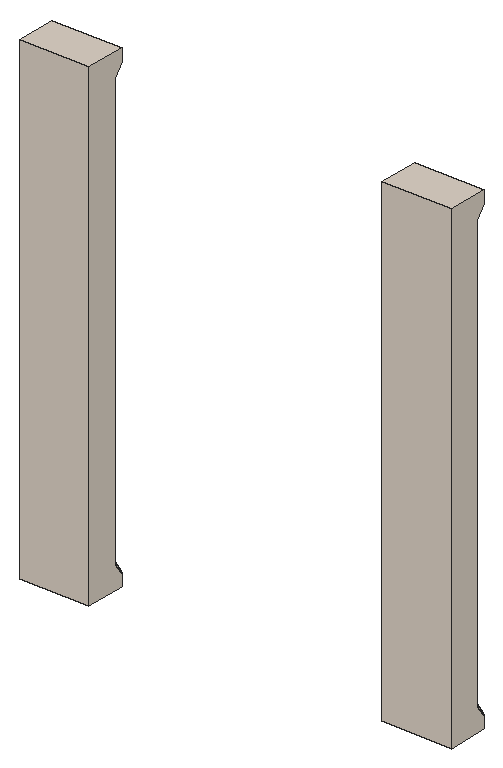
Revit family
Parameters (values of type "125 x 215mm Wide")
  Surround Width = 215.0 mm
  Surround Depth = 125.0 mm
  Opening Width [instance] = 910.0 mm
  Opening Depth [instance] = 1500.0 mm
  Surround Offset from Ext = 25.0 mm
  Material Surround = Masonry - Stone
  Keynote = "F"
  Chamfer = 25.0 mm
Types (2, lengths in mm): name | Surround Width | Opening Depth
  125 x 150mm Wide | 150.0 | 1210.0
  125 x 215mm Wide | 215.0 | 1500.0
Reference planes
  plane 1 "Wall": y = -11.298
  plane 2 "Center (Left/Right)": x = 160.901
  plane 3 "Back": y = 138.702
  plane 4: y = 163.702
  plane 5: y = 38.702
  plane 6: z = 2110
  plane 7: z = 610
  plane 8: x = 375.901
  plane 9: x = -749.099
  plane 10: x = -964.099
  plane 11: z = 2035
  plane 12: z = 685
  plane 13: z = 2035
  plane 14: z = 685
  plane 15: z = 2035
  plane 16: z = 685
Forms (mm)
  Extrusion 1, void
    sketch origin (0, 138.702, 0) x (-1, 0, 0) y (0, 0, 1)
      loop
        line (-375.901, 2110) -> (-375.901, 610) -> (-159.901, 610) -> (-159.901, 2110) -> (-375.901, 2110)
      loop
        line (748.099, 610) -> (964.099, 610) -> (964.099, 2110) -> (748.099, 2110) -> (748.099, 610)
    from 0 to -100
  Extrusion 2, solid, material "Masonry - Stone" <- "Material Surround"
    sketch origin (0, 138.702, 0) x (1, 0, 0) y (0, 0, 1)
      loop
        line (375.901, 2110) -> (160.901, 2110) -> (160.901, 610) -> (375.901, 610) -> (375.901, 2110)
      loop
        line (-749.099, 610) -> (-749.099, 2110) -> (-964.099, 2110) -> (-964.099, 610) -> (-749.099, 610)
    from -25 to 100
  Sweep 3, void
    path origin (472.054, 163.702, 0) x (0, 0, 1) y (1, 0, 0)
      loop
        line (2110, -386.153) -> (2035, -311.153) -> (685, -311.153) -> (610, -386.153)
    profile origin (160.901, 163.702, 1360) x (0, 1, 0) y (-1, 0, 0)
      loop
        line (0, -25) -> (0, 0) -> (-25, 0) -> (0, -25)
  Sweep 4, void
    path origin (472.054, 163.702, 0) x (0, 0, 1) y (1, 0, 0)
      loop
        line (2110, -1146.153) -> (2035, -1221.153) -> (685, -1221.153) -> (610, -1146.153)
    profile origin (-749.099, 163.702, 1360) x (0, 1, 0) y (-1, 0, 0)
      loop
        line (0, 0) -> (0, 25) -> (-25, 0) -> (0, 0)
  Sweep 5, void
    path origin (472.054, 163.702, 0) x (0, 0, 1) y (1, 0, 0)
      loop
        line (2110, -1511.153) -> (2035, -1436.153) -> (685, -1436.153) -> (610, -1511.153)
    profile origin (-964.099, 163.702, 1360) x (0, 1, 0) y (-1, 0, 0)
      loop
        line (0, 0) -> (-25, 0) -> (0, -25) -> (0, 0)
  Sweep 6, void
    path origin (472.054, 163.702, 0) x (0, 0, 1) y (1, 0, 0)
      loop
        line (2110, -21.153) -> (2035, -96.153) -> (685, -96.153) -> (610, -21.153)
    profile origin (375.901, 163.702, 1360) x (0, 1, 0) y (-1, 0, 0)
      loop
        line (0, 0) -> (0, 25) -> (-25, 0) -> (0, 0)
Cuts and joins
  Sweep 3, Sweep 4, Sweep 5, Sweep 6 cuts Extrusion 2
Text (mm)
  text "Placement side" at (-1848.837, 1116.779, 0), in view "Ref. Level"
  text "Placement side" at (0, 1409.804, 2854.306), in view "Left"
  text "Placement side" at (0, 499.811, 2980.732), in view "Right"
Dimensions and locks
  locked: plane 3 "Back" to host wall
  "Surround Offset from Ext": plane 3 "Back" to plane 4
  "Surround Depth": plane 5 to plane 4
  locked: level to plane 6 at 2110
  "Opening Depth": plane 7 to plane 6
  "Surround Width": plane 8 to plane 2 "Center (Left/Right)"
  "Surround Width": plane 9 to plane 10
  "Opening Width": plane 2 "Center (Left/Right)" to plane 9
  plane 11 to plane 6 = 75.0 mm
  plane 7 to plane 12 = 75.0 mm
  "Chamfer": plane 2 "Center (Left/Right)" to Sweep 3 sketch curve
  "Chamfer": plane 4 to Sweep 3 sketch curve
  plane 13 to plane 6 = 75.0 mm
  plane 7 to plane 14 = 75.0 mm
  "Chamfer": Sweep 4 sketch curve to plane 9
  "Chamfer": plane 4 to Sweep 4 sketch curve
  locked: plane 15 to plane 6 at 75
  locked: plane 7 to plane 16 at 75
  "Chamfer": plane 10 to Sweep 5 sketch curve
  "Chamfer": plane 4 to Sweep 5 sketch curve
  "Chamfer": Sweep 6 sketch curve to plane 8
  "Chamfer": plane 4 to Sweep 6 sketch curve
  locked: plane 2 "Center (Left/Right)" to Extrusion 1 sketch curve at 1
  locked: Extrusion 1 sketch curve to plane 9 at 1
  aligned and locked: plane 1 "Wall" to host wall
  aligned and locked: Extrusion 1 to plane 5
  aligned and locked: host wall to Extrusion 1
  aligned and locked: plane 4 to Extrusion 2
  aligned and locked: Extrusion 2 to plane 5
  aligned and locked: Extrusion 1 sketch curve to plane 7
  aligned and locked: plane 6 to Extrusion 1 sketch curve
  aligned and locked: Extrusion 1 sketch curve to plane 8
  aligned and locked: Extrusion 2 sketch curve to plane 7
  aligned and locked: plane 6 to Extrusion 2 sketch curve
  aligned and locked: plane 2 "Center (Left/Right)" to Extrusion 2 sketch curve
  aligned and locked: Extrusion 2 sketch curve to plane 8
  aligned and locked: plane 2 "Center (Left/Right)" to Sweep 3 sketch curve
  aligned and locked: plane 9 to Sweep 4 sketch curve
  aligned and locked: plane 10 to Sweep 5 sketch curve  (x2)
  aligned and locked: Sweep 5 sketch curve to plane 4
  aligned and locked: plane 8 to Sweep 6 sketch curve  (x2)
  aligned and locked: plane 4 to Sweep 6 sketch curve
Automatic sketch dimensions
  Extrusion 2 sketch curve to plane 7 = 0.0 mm
  Extrusion 2 sketch curve to plane 10 = 0.0 mm
  Extrusion 2 sketch curve to plane 6 = 0.0 mm
  Extrusion 2 sketch curve to plane 9 = 0.0 mm
  Sweep 3 sketch curve to plane 7 = 0.0 mm
  Sweep 3 sketch curve to plane 12 = 0.0 mm
  Sweep 3 sketch curve to plane 11 = 0.0 mm
  Sweep 3 sketch curve to plane 6 = 0.0 mm
  Sweep 3 sketch curve to plane 2 "Center (Left/Right)" = 75.0 mm  (x2)
  Sweep 3 sketch curve to profile plane = 0.0 mm
  Sweep 3 sketch curve to plane 4 = 0.0 mm
  Sweep 4 sketch curve to plane 7 = 0.0 mm
  Sweep 4 sketch curve to plane 14 = 0.0 mm
  Sweep 4 sketch curve to plane 13 = 0.0 mm
  Sweep 4 sketch curve to plane 6 = 0.0 mm
  plane 9 to Sweep 4 sketch curve = 75.0 mm  (x2)
  Sweep 4 sketch curve to plane 4 = 0.0 mm
  Sweep 4 sketch curve to profile plane = 0.0 mm
  Sweep 5 sketch curve to plane 7 = 0.0 mm
  Sweep 5 sketch curve to plane 16 = 0.0 mm
  Sweep 5 sketch curve to plane 15 = 0.0 mm
  Sweep 5 sketch curve to plane 6 = 0.0 mm
  Sweep 5 sketch curve to plane 10 = 75.0 mm  (x2)
  Sweep 6 sketch curve to plane 7 = 0.0 mm
  Sweep 6 sketch curve to plane 16 = 0.0 mm
  Sweep 6 sketch curve to plane 15 = 0.0 mm
  Sweep 6 sketch curve to plane 6 = 0.0 mm
  plane 8 to Sweep 6 sketch curve = 75.0 mm  (x2)
  Extrusion 1 sketch curve to plane 7 = 0.0 mm
  Extrusion 1 sketch curve to plane 6 = 0.0 mm
  Extrusion 1 sketch curve to plane 10 = 0.0 mm
